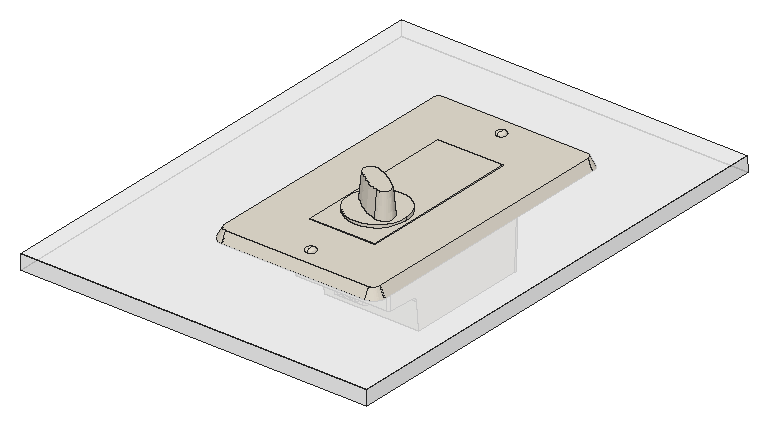
Revit family "AT-603AP", category Communication Devices, host Face, Revit 2018
Family settings
  Host = Face
  Maintain Annotation Orientation = No
  Round Connector Dimension = Use Diameter
  Part Type = Normal
  OmniClass Number = 23.85.10.11.14
  OmniClass Title = Audio Equipment
  Cut with Voids When Loaded = Yes
  Shared = No
  Room Calculation Point = No
Parameters (values of type "AT-603AP")
  Weight = "210 g (0.46 lb)(unit only)"
  URL = "http://toa.com.sg"
  Terminal = "Push-in connector"
  Operating Temperature = "-10 to +50 degree Celsius"
  Model Type = "Attenuator"
  Dimension (attenuator only) = "41 (W) x 108 (H) x 52.4 (D) mm"
  Attenuation = "5 steps (0 dB, – 6 dB, – 12 dB, – 18 dB,OFF)"
  Input Volume = "0.5 W – 60 W"
  Model By = "BIMLIFE PTE LTD"  # constant formula
  Model = "AT-063AP"
  Manufacturer = "TOA Electronics Pte Ltd"  # constant formula
  Supplier Tel = "+65 6835 9119"  # constant formula
  Supplier Fax = "+65 6835 9559"  # constant formula
  Supplier Address = "491B River Valley Road, #19-03/04 Valley Point Office Tower, Singapore 248373"  # constant formula
  Supplier = "TOA Electronics Pte Ltd"  # constant formula
  Suppiler Email = "http://toa.com.sg"  # constant formula
  Material = Oyster White (RAL 1013)
  Finish = "Knob, panel, plate: ABS resin, white (RAL 1013 or equivalent color), Case: ABS resin, black"
  Dimension (with plate) = "70 (W) x 120 (H) x 52.4 (D) mm"
  Default Elevation = 0 mm
  Copyright To = "TOA Electronics Pte Ltd"  # constant formula
  Applicable Plate = "YP-1AF (option)"
  Applicable Cable = "600 V vinyl-insulated cable (Indoor Vinyl or Heat-resistant Indoor Vinyl cable) Solid cable: ø0.8 (0.03\") – ø1.6 (0.06\") mm"
  Applicable Box = "YS-11A (option)"
  Accessory = "Plate ---1, Plate mounting screw ---2, Box mounting screw ---2"
Reference planes
  plane 1 "Center (Front/Back)": y = 0
  plane 2: z = 0
  plane 3 "Center (Left/Right)": x = 0
Forms (mm)
  Extrusion 1, solid, material "Surface"
    sketch origin (1.238, -13.929, 0) x (1, 0, 0) y (0, 1, 0)
      loop
        line (-79.405, 109.432) -> (-79.405, -93.236) -> (67.641, -93.236) -> (67.641, 109.432) -> (-79.405, 109.432)
    from 0 to -6.497
  Extrusion 2, solid, material "Oyster White (RAL 1013)" <- "Material"
    sketch origin (0, 0, 0) x (1, 0, 0) y (0, 1, 0)
      loop
        line (-13.8, 34.15) -> (-13.8, -34.15) -> (13.8, -34.15) -> (13.8, 34.15) -> (-13.8, 34.15)
    from 0 to 4
  Blend 3, solid, material "Oyster White (RAL 1013)" <- "Material"
    base sketch origin (-322.903, -0.061, 0) x (1, 0, 0) y (0, 1, 0)
      loop
        line (353.237, 60.061) -> (292.57, 60.061)
        arc (292.57, 60.061) -> (289.27, 58.694) -> (287.903, 55.395) r 4.667
        line (287.903, 55.395) -> (287.903, -55.272)
        arc (287.903, -55.272) -> (289.27, -58.572) -> (292.57, -59.939) r 4.667
        line (292.57, -59.939) -> (353.237, -59.939)
        arc (353.237, -59.939) -> (356.537, -58.572) -> (357.903, -55.272) r 4.667
        line (357.903, -55.272) -> (357.903, 55.395)
        arc (357.903, 55.395) -> (356.537, 58.694) -> (353.237, 60.061) r 4.667
    top sketch origin (-322.903, -0.061, 0) x (1, 0, 0) y (0, 1, 0)
      loop
        line (289.903, 55.395) -> (289.903, -55.272)
        arc (289.903, -55.272) -> (290.684, -57.158) -> (292.57, -57.939) r 2.667
        line (292.57, -57.939) -> (353.237, -57.939)
        arc (353.237, -57.939) -> (355.122, -57.158) -> (355.903, -55.272) r 2.667
        line (355.903, -55.272) -> (355.903, 55.395)
        arc (355.903, 55.395) -> (355.122, 57.28) -> (353.237, 58.061) r 2.667
        line (353.237, 58.061) -> (292.57, 58.061)
        arc (292.57, 58.061) -> (290.684, 57.28) -> (289.903, 55.395) r 2.667
    from 0 to 4
  Extrusion 4, void
    sketch origin (0, 0, 0) x (1, 0, 0) y (0, 1, 0)
      loop
        line (-13.8, 34.15) -> (-13.8, -34.15) -> (13.8, -34.15) -> (13.8, 34.15) -> (-13.8, 34.15)
    from 0 to 4
  Extrusion 5, solid, material "Oyster White (RAL 1013)" <- "Material"
    sketch origin (-322.903, -0.061, 4) x (1, 0, 0) y (0, 1, 0)
      loop
        circle (322.903, -15.249) r 12.197
    from 0 to 1
  Blend 6, solid, material "Oyster White (RAL 1013)" <- "Material"
    base sketch origin (-322.903, -0.061, 5) x (1, 0, 0) y (0, 1, 0)
      loop
        arc (330.969, -15.642) -> (325.306, -11.088) -> (318.53, -8.46) r 23.754
        arc (318.53, -8.46) -> (314.26, -10.258) -> (314.838, -14.856) r 3.835
        arc (314.838, -14.856) -> (320.501, -19.409) -> (327.276, -22.038) r 23.754
        arc (327.276, -22.038) -> (331.546, -20.239) -> (330.969, -15.642) r 3.836
    top sketch origin (-322.903, -0.061, 5) x (1, 0, 0) y (0, 1, 0)
      loop
        arc (315.564, -14.168) -> (321.001, -18.543) -> (327.508, -21.065) r 22.754
        arc (327.508, -21.065) -> (330.68, -19.739) -> (330.243, -16.329) r 2.836
        arc (330.243, -16.329) -> (324.805, -11.954) -> (318.298, -9.433) r 22.754
        arc (318.298, -9.433) -> (315.126, -10.758) -> (315.564, -14.168) r 2.835
    from 0 to 10.5
  Revolve 7, solid, material "Oyster White (RAL 1013)" <- "Material"
    sketch origin (0, 16.7, 0) x (0, 1, 0) y (0, 0, 1)
      loop
        line (33.8, 4) -> (33.8, 5)
        spline (33.8, 5) -> (33.539, 4.991) -> (33.282, 4.966) -> (33.035, 4.924) -> (32.8, 4.866) -> (32.582, 4.793) -> (32.386, 4.707) -> (32.213, 4.609) -> (32.068, 4.5) -> (31.952, 4.383) -> (31.868, 4.259) -> (31.817, 4.131) -> (31.8, 4)
        line (31.8, 4) -> (33.8, 4)
      axis (33.8, 5) -> (33.8, 4)
    angle from 0 to 360
  Revolve 8, solid, material "Oyster White (RAL 1013)" <- "Material"
    sketch origin (0, -84.3, 0) x (0, 1, 0) y (0, 0, 1)
      loop
        line (33.8, 4) -> (33.8, 5)
        spline (33.8, 5) -> (33.539, 4.991) -> (33.282, 4.966) -> (33.035, 4.924) -> (32.8, 4.866) -> (32.582, 4.793) -> (32.386, 4.707) -> (32.213, 4.609) -> (32.068, 4.5) -> (31.952, 4.383) -> (31.868, 4.259) -> (31.817, 4.131) -> (31.8, 4)
        line (31.8, 4) -> (33.8, 4)
      axis (33.8, 5) -> (33.8, 4)
    angle from 0 to 360
  Blend 9, solid, material "Oyster White (RAL 1013)" <- "Material"
    base sketch origin (-245.404, 0, 0) x (1, 0, 0) y (0, 1, 0)
      loop
        arc (226.481, 33.914) -> (225.773, 33.621) -> (225.481, 32.914) r 1
        line (225.481, 32.914) -> (225.481, -32.914)
        arc (225.481, -32.914) -> (225.775, -33.618) -> (226.48, -33.91) r 1
        line (226.48, -33.91) -> (264.328, -33.91)
        arc (264.328, -33.91) -> (265.034, -33.618) -> (265.328, -32.914) r 1
        line (265.328, -32.914) -> (265.328, 32.914)
        arc (265.328, 32.914) -> (265.035, 33.621) -> (264.328, 33.914) r 1
        line (264.328, 33.914) -> (226.481, 33.914)
    top sketch origin (-245.404, 0, 0) x (1, 0, 0) y (0, 1, 0)
      loop
        line (265.904, -33.508) -> (265.904, 33.49)
        arc (265.904, 33.49) -> (265.611, 34.197) -> (264.904, 34.49) r 1.001
        line (264.904, 34.49) -> (225.904, 34.49)
        arc (225.904, 34.49) -> (225.197, 34.197) -> (224.904, 33.49) r 1.001
        line (224.904, 33.49) -> (224.904, -33.51)
        arc (224.904, -33.51) -> (225.197, -34.217) -> (225.904, -34.51) r 1.001
        line (225.904, -34.51) -> (264.904, -34.51)
        arc (264.904, -34.51) -> (265.612, -34.216) -> (265.904, -33.508) r 1.001
    from -34 to 0
  Extrusion 10, void
    sketch origin (0, 0, 0) x (0, -1, 0) y (0, 0, -1)
      loop
        line (21.733, 20) -> (35.003, 19.487) -> (34.49, 37.494) -> (17.759, 37.494) -> (19.49, 22.243)
        arc (19.49, 22.243) -> (20.147, 20.657) -> (21.733, 20) r 2.243
    from -29.842 to 35
  Extrusion 11, solid, material "Oyster White (RAL 1013)" <- "Material"
    sketch origin (0, 0, 0) x (0, 1, 0) y (0, 0, 1)
      loop
        line (-21.559, -20.007) -> (-30.608, -19.657) -> (-30.608, -23.419) -> (-27.846, -24.515) -> (-19.232, -24.515) -> (-19.547, -21.74)
        arc (-19.547, -21.74) -> (-20.269, -20.543) -> (-21.559, -20.007) r 2.243
    from -6 to 6
  Extrusion 12, solid, material "Oyster White (RAL 1013)" <- "Material"
    sketch origin (0.094, -29.753, -20.736) x (0, 0, -1) y (1, 0, 0)
      loop
        circle (0.99, -4) r 1
      loop
        circle (0.99, -1.5) r 1
      loop
        circle (0.99, 1) r 1
      loop
        circle (0.99, 3.5) r 1
    from 0 to 1
Cuts and joins
  joined: Extrusion 5, Blend 6
  Extrusion 10 cuts Blend 9
Lines and regions (mm)
  model lines
    curve 1: line (-3.167, 18.17, 4) -> (-3.167, 20.503, 4)
    curve 2: line (-3.167, 18.17, 4) -> (-2.167, 18.17, 4)
    curve 3: line (-2.167, 20.503, 4) -> (-2.167, 18.17, 4)
    curve 4: line (-3.167, 20.503, 4) -> (-2.167, 20.503, 4)
    curve 5: line (-1.667, 20.503, 4) -> (-1.667, 18.17, 4)
    curve 6: line (0, 21.303, 4) -> (-1.667, 20.503, 4)
    curve 7: line (-1.667, 18.17, 4) -> (0, 17.37, 4)
    curve 8: line (0, 17.37, 4) -> (0, 21.303, 4)
    curve 9: arc (0.703, 17.024, 4) -> (1.341, 19.336, 4) -> (0.703, 21.649, 4) r 4.51
    curve 10: arc (1.547, 16.621, 4) -> (2.268, 19.336, 4) -> (1.547, 22.052, 4) r 5.476
    curve 11: arc (2.39, 16.217, 4) -> (3.198, 19.336, 4) -> (2.39, 22.456, 4) r 6.424
    curve 12: arc (-3.669, -2.318, 4) -> (-5.443, -2.956, 4) -> (-7.111, -3.835, 4) r 13.5
    curve 13: arc (-4.113, -1.066, 4) -> (-5.924, -1.988, 4) -> (-7.599, -3.14, 4) r 15.5
    curve 14: arc (1.539, -1.898, 4) -> (0.116, -1.81, 4) -> (-1.307, -1.873, 4) r 13.5
    curve 15: arc (1.521, 0.183, 4) -> (-0.041, 0.055, 4) -> (-1.581, -0.229, 4) r 15.5
    curve 16: line (2.15, -1.353, 4) -> (2.15, -0.427, 4)
    curve 17: line (3.244, -0.497, 4) -> (3.244, -1.725, 4)
    curve 18: arc (7.348, -3.985, 4) -> (5.585, -3.02, 4) -> (3.698, -2.326, 4) r 13.5
    curve 19: arc (7.409, -0.784, 4) -> (5.674, -0.252, 4) -> (3.889, 0.074, 4) r 15.5
    curve 20: line (7.944, -3.662, 4) -> (7.944, -1.554, 4)
    curve 21: line (9.111, -2.26, 4) -> (9.111, -4.861, 4)
    curve 22: arc (12.305, -3.732, 4) -> (11.076, -2.745, 4) -> (9.754, -1.889, 4) r 15.5
    curve 23: arc (12.283, -9.709, 4) -> (11.053, -7.559, 4) -> (9.45, -5.669, 4) r 13.5
    curve 24: line (12.911, -9.573, 4) -> (12.911, -5.082, 4)
    curve 25: arc (-7.599, -3.14, 4) -> (-7.683, -3.717, 4) -> (-7.111, -3.835, 4) r 0.425
    curve 26: arc (-4.113, -1.066, 4) -> (-3.223, -1.456, 4) -> (-3.669, -2.318, 4) r 0.665
    curve 27: arc (-1.581, -0.229, 4) -> (-2.212, -1.179, 4) -> (-1.307, -1.873, 4) r 0.835
    curve 28: arc (2.15, -0.427, 4) -> (1.964, 0.011, 4) -> (1.521, 0.183, 4) r 0.61
    curve 29: arc (2.15, -1.353, 4) -> (1.966, -1.762, 4) -> (1.539, -1.898, 4) r 0.549
    curve 30: arc (3.889, 0.074, 4) -> (3.438, -0.066, 4) -> (3.244, -0.497, 4) r 0.575
    curve 31: arc (3.244, -1.725, 4) -> (3.37, -2.102, 4) -> (3.698, -2.326, 4) r 0.626
    curve 32: arc (7.944, -3.662, 4) -> (7.742, -4.001, 4) -> (7.348, -3.985, 4) r 0.386
    curve 33: arc (7.944, -1.554, 4) -> (7.797, -1.086, 4) -> (7.409, -0.784, 4) r 0.821
    curve 34: arc (9.754, -1.889, 4) -> (9.325, -1.889, 4) -> (9.111, -2.26, 4) r 0.429
    curve 35: arc (9.111, -4.861, 4) -> (9.199, -5.299, 4) -> (9.45, -5.669, 4) r 1.131
    curve 36: arc (12.911, -9.573, 4) -> (12.652, -9.894, 4) -> (12.283, -9.709, 4) r 0.328
    curve 37: arc (12.911, -5.082, 4) -> (12.752, -4.342, 4) -> (12.305, -3.732, 4) r 1.807
Dimensions and locks
  aligned and locked: plane 2 to Extrusion 1
  aligned and locked: level to Extrusion 1
